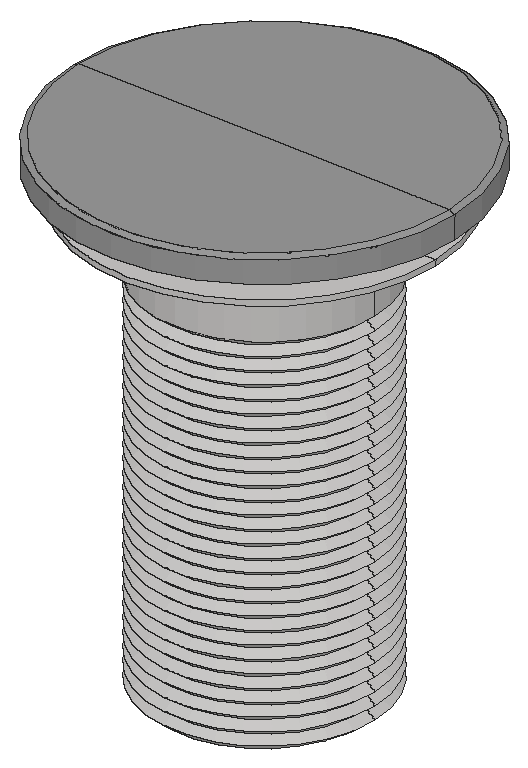
Revit family "BUILDMAT-POPBLK03-32mm-Terrazzo_Pop_Up_Waste-Menzil", category Plumbing Fixtures, Revit 2026
Family settings
  Round Connector Dimension = Use Diameter
  Part Type = Normal
  Work Plane-Based = Yes
  Enable Cutting in Views = Yes
  Always vertical = Yes
  Cut with Voids When Loaded = No
  Maintain Annotation Orientation = No
  Shared = No
  Room Calculation Point = No
Parameters
  Width = 69 mm
  PopUp_Material = BUILDMAT Menzil Terrazzo
  MainBody_Material = BUILDMAT Stainless Steel
  Depth = 69 mm
  Default Elevation = 1219.2 mm
Reference planes
  plane 1 "Center (Front/Back)": y = 0
  plane 2: z = 0
  plane 3 "Center (Left/Right)": x = 0
  plane 4: x = 34.5
  plane 5: x = -34.5
  plane 6: y = 34.5
  plane 7: y = -34.5
  plane 8: z = 10
  plane 9: z = 5
  plane 10: z = 5.5
  plane 11: z = 9.5
  plane 12: x = -33.5
  plane 13: x = 33.5
  plane 14: y = 33.5
  plane 15: y = -33.5
  plane 16: z = 1
  plane 17: z = -78.68
  plane 18: x = -19.958
  plane 19: x = 19.958
Forms (mm)
  Revolve 1, solid, material "BUILDMAT Stainless Steel" <- "MainBody_Material"
    sketch origin (0, 0, -0.397) x (1, 0, 0) y (0, 0, 1)
      loop
        line (0, 1.248) -> (0, -11.603) -> (-19.988, -11.603) -> (-19.988, -3.848)
        arc (-19.988, -3.848) -> (-20.47, -2.811) -> (-21.441, -2.207) r 2
        line (-21.441, -2.207) -> (-31, 0.397) -> (-31, 1.397) -> (0, 1.397)
      axis (0, 1.397) -> (0, -11.603)
    angle from 0 to 360
  Revolve 2, solid, material "BUILDMAT Stainless Steel" <- "MainBody_Material"
    sketch origin (0, 0, -4.369) x (1, 0, 0) y (0, 0, 1)
      loop
        line (0, -7.631) -> (-19.952, -7.631) -> (-18.463, -8.794) -> (-19.958, -9.962) -> (-18.463, -11.131) -> (-19.958, -12.299) -> (-18.463, -13.467) -> (-19.958, -14.635) -> (-18.463, -15.803) -> (-19.958, -16.971) -> (-18.463, -18.139) -> (-19.958, -19.308) -> (-18.463, -20.476) -> (-19.958, -21.644) -> (-18.463, -22.812) -> (-19.958, -23.98) -> (-18.463, -25.148) -> (-19.958, -26.316) -> (-18.463, -27.485) -> (-19.958, -28.653) -> (-18.463, -29.821) -> (-19.958, -30.989) -> (-18.463, -32.157) -> (-19.958, -33.325) -> (-18.463, -34.493) -> (-19.958, -35.662) -> (-18.463, -36.83) -> (-19.958, -37.998) -> (-18.463, -39.166) -> (-19.958, -40.334) -> (-18.463, -41.502) -> (-19.958, -42.67) -> (-18.463, -43.839) -> (-19.958, -45.007) -> (-18.463, -46.175) -> (-19.958, -47.343) -> (-18.463, -48.511) -> (-19.958, -49.679) -> (-18.463, -50.847) -> (-19.958, -52.016) -> (-18.463, -53.184) -> (-19.958, -54.352) -> (-18.463, -55.52) -> (-19.958, -56.688) -> (-18.463, -57.856) -> (-19.958, -59.024) -> (-18.463, -60.193) -> (-19.958, -61.361) -> (-18.463, -62.529) -> (-19.958, -63.697) -> (-18.463, -64.865) -> (-19.958, -66.033) -> (-18.463, -67.201) -> (-19.958, -68.369) -> (-18.463, -69.538) -> (-19.958, -70.706) -> (-18.463, -71.874) -> (-19.958, -73.042) -> (-18.334, -74.311) -> (0, -74.311) -> (0, -7.631)
      axis (0, -7.631) -> (0, -74.311)
    angle from 0 to 360
  Extrusion 3, solid, material "BUILDMAT Menzil Terrazzo" <- "PopUp_Material"
    sketch origin (0, 0, 1) x (0, 1, 0) y (-1, 0, 0)
      loop
        circle (0, 0) r 17.75
    from 0 to 4
  Revolve 4, solid, material "BUILDMAT Menzil Terrazzo" <- "PopUp_Material"
    sketch origin (0, 0, 0) x (1, 0, 0) y (0, 0, 1)
      loop
        line (0, 5) -> (0, 10) -> (-33.5, 10) -> (-34.5, 9.5) -> (-34.5, 5.5) -> (-33.5, 5) -> (0, 5)
      axis (0, 5) -> (0, 10)
    angle from 0 to 360
Text (mm)
  text "Refer to www.buildmat.com.au for the most current product literature. \nAllow a +/- 5mm tolerance for dimensions shown in the product literature. \nPlease note product details are subject to change due to ongoing product development." at (-1.255, -131.559, 0), in view "Ref. Level"
Dimensions and locks
  "Depth": plane 6 to plane 7
  equal spacing: plane 6, plane 1 "Center (Front/Back)", plane 7
  "Width": plane 5 to plane 4
  equal spacing: plane 5, plane 3 "Center (Left/Right)", plane 4
  plane 5 to plane 4 = 69 mm
  Revolve 4 to Revolve 4 = 5 mm
  Revolve 1 to Revolve 2 = 79.68 mm
  Revolve 2 to Revolve 2 = 39.917 mm
  aligned and locked: level to plane 2
Automatic sketch dimensions
  Revolve 1 sketch curve to level = 0 mm
  Revolve 1 sketch curve to plane 3 "Center (Left/Right)" = 0 mm  (x3)
  Revolve 1 sketch curve to level = 4.245 mm
  Revolve 1 sketch curve to plane 12 = 13.512 mm
  Revolve 1 sketch curve to level = 2.604 mm
  Revolve 1 sketch curve to Revolve 1 sketch curve = 1.453 mm
  Revolve 1 sketch curve to Revolve 1 sketch curve = 1.979 mm
  Revolve 1 sketch curve to plane 12 = 2.5 mm
  Revolve 1 sketch curve to level = 12 mm
  Revolve 1 sketch curve to Revolve 1 sketch curve = 1 mm
  Revolve 1 sketch curve to Revolve 1 sketch curve = 0 mm
  Revolve 1 sketch curve to Revolve 1 sketch curve = 0.149 mm
  Revolve 1 sketch curve to Revolve 1 sketch curve = 0.245 mm
  Revolve 2 sketch curve to plane 3 "Center (Left/Right)" = 0 mm  (x2)
  Revolve 2 sketch curve to plane 12 = 15.166 mm
  Revolve 2 sketch curve to plane 12 = 15.037 mm  (x2)
  Revolve 2 sketch curve to Revolve 2 sketch curve = 0.129 mm
  Revolve 2 sketch curve to Revolve 2 sketch curve = 0 mm  (x25)
  Revolve 2 sketch curve to Revolve 2 sketch curve = 1.489 mm
  Revolve 2 sketch curve to Revolve 2 sketch curve = 1.495 mm  (x28)
  Revolve 2 sketch curve to level = 78.68 mm
  Revolve 2 sketch curve to Revolve 2 sketch curve = 1.269 mm
  Revolve 2 sketch curve to Revolve 2 sketch curve = 1.168 mm  (x55)
  Revolve 2 sketch curve to level = 12 mm
  Revolve 2 sketch curve to Revolve 2 sketch curve = 0.1 mm
  Revolve 2 sketch curve to Revolve 2 sketch curve = 0.211 mm
  plane 5 to Revolve 4 sketch curve = 0 mm
  Revolve 4 sketch curve to plane 8 = 0 mm  (x2)
  plane 12 to Revolve 4 sketch curve = 0 mm  (x2)
  Revolve 4 sketch curve to plane 9 = 0 mm  (x2)
  Revolve 4 sketch curve to plane 3 "Center (Left/Right)" = 0 mm  (x2)
  Revolve 4 sketch curve to plane 10 = 0 mm
  Revolve 4 sketch curve to plane 11 = 0 mm
  radius of Extrusion 3 sketch curve to Revolve 1 = 13.25 mm
